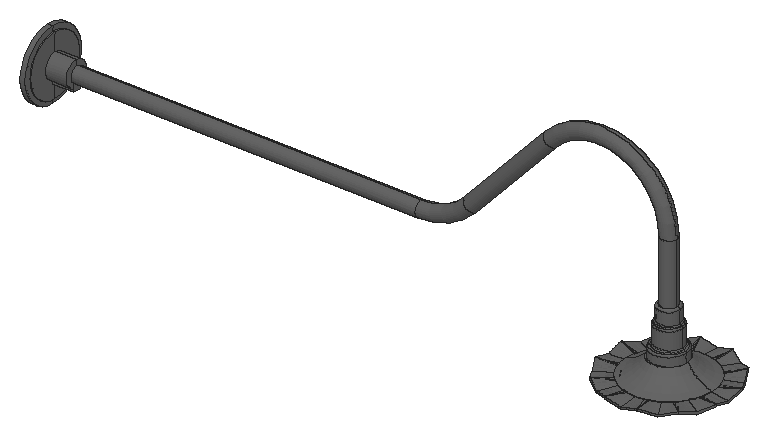
Revit family "Radial 8,12,16,18,20,24 LED", category Lighting Fixtures, Revit 2020
Family settings
  Round Connector Dimension = Use Diameter
  Part Type = Normal
  OmniClass Number = 23.80.70.00
  OmniClass Title = Lighting
  Work Plane-Based = No
  Always vertical = Yes
  Cut with Voids When Loaded = No
  Light Source = Yes
  Shared = No
  Room Calculation Point = No
Parameters (values of type "R908")
  b = 0' - 2"
  a = 0' - 8 1/2"
  Weight = "1.0 lbs"
  Wattage Comments = "10 W"
  Wattage = 8.41513 W
  Warranty = "5 year limited warranty"  # constant formula
  built-in parameter 1150110 = 1 (stored number, unit not read)
  Voltage = 277 V  # constant formula
  URL = "https://www.anplighting.com/assets/Uploads/product-attachments/specification-sheets/ANP-Specification-Sheet-RLM-LED-R908.pdf"
  built-in parameter 1114217 = 1 (stored number, unit not read)
  Tilt Angle = 90.00°
  built-in parameter 1150109 = 1 (stored number, unit not read)
  built-in parameter 1150134 = 12
  built-in parameter 1150113 = 1 (stored number, unit not read)
  R924 = no
  R920 = no
  R918 = no
  R916 = no
  R912 = no
  R908 = yes
  Photometric Web File = "R920-200GLCL-200INC-T15298.IES"
  Mounting Option [instance] = 4
  Power Factor = 1
  Post Mount [instance] = Mounting Option = 5  # no
  Placement X axis side [instance] = if(Post Mount, 2' 2 15/32", if(Cord or Stem Mount, 0' 0", if(E36 20 inch, 1' 8 1/4", if(E 6 26 inch, 2' 2", if(E7 41 inch, 3' 5 1/4", 0' 1")))))  # 3' - 5 1/4"
  Model = "R908"
  Manufacturer = "ANP Lighting"  # constant formula
  built-in parameter 1150105 = 193.56 (stored number, unit not read)
  Lumens = 1250 lm
  built-in parameter 1150115 = 1 (stored number, unit not read)
  Load Classification = Lighting
  Light Source Height [instance] = 0' - 0"
  built-in parameter 1150137 = (empty or 0)
  built-in parameter 1150139 = (empty or 0)
  Light Elevation _2 [instance] = if(Post Mount, 0' 0.66142", if(E7 41 inch, 0' 0.66142", if(E36 20 inch, 0' 1.65748", if(E 6 26 inch, 0' 1.53543", if(Cord or Stem Mount, (0' 4.3622" + Cord Length), 0' 0")))))  # 0' - 0.66142"
  Light Elevation _1 [instance] = if(Post Mount, 0' 0", if(E7 41 inch, 0' 0", if(E36 20 inch, 0' 1", if(E 6 26 inch, 0' 0.87402", if(Cord or Stem Mount, (0' 3.66142" + Cord Length), 0' 0")))))  # 0' - 0"
  Light Elevation [instance] = if(Post Mount, 14' 0.5315", if(E7 41 inch, 0' 0", 0' 0"))  # 0' - 0"
  Life = "L70 50,000 hours"  # constant formula
  built-in parameter 1150112 = 1 (stored number, unit not read)
  built-in parameter 1150114 = 1 (stored number, unit not read)
  Lamp = "LED"
  built-in parameter 1150132 = 2
  built-in parameter 1150102 = (empty or 0)
  built-in parameter 1150107 = 4000 (stored number, unit not read)
  built-in parameter 1150138 = (empty or 0)
  built-in parameter 1150106 = 1.9356 (stored number, unit not read)
  INSIDE BODY = Default
  Fixture Height = 0' - 4 1/2"
  Fixture Diameter = 0' - 8"
  Efficiency = "65-125 lumens per watt"  # constant formula
  built-in parameter 1150104 = 13.8 (stored number, unit not read)
  E7 41 inch [instance] = Mounting Option = 4  # yes
  E36 20 inch [instance] = Mounting Option = 3  # no
  E 6 26 inch [instance] = Mounting Option = 2  # no
  Dimming Lamp Color Temperature Shift = <None>
  Dimming = "1%"  # constant formula
  Description = "120-277 Voltage"  # constant formula
  Default Elevation = 0' - 0"
  Cord or Stem Mount [instance] = Mounting Option = 1  # no
  Cord Length option [instance] = 0
  Cord Length [instance] = if([2' Cord], 2' 0", if([4' Cord], 4' 0", if([8' Cord], 8' 0", if([10' Cord], 10' 0", if([6' Cord], 6' 0", 6' 0")))))  # 6' - 0"
  Construction Material = "Heavy Duty spun aluminum."  # constant formula
  Color Filter = 16777215
  Canopy Body = body
  CRI = ">90"  # constant formula
  Bulb = Glass
  Body Material = body
  Body Colour = "Spun aluminium"  # constant formula
  built-in parameter 1114218 = 1 (stored number, unit not read)
  built-in parameter 1150133 = 10 (stored number, unit not read)
  Apparent Load = 10 VA
  8' Cord [instance] = Cord Length option = 8  # no
  6' Cord [instance] = Cord Length option = 6  # no
  4' Cord [instance] = Cord Length option = 4  # no
  2' Cord [instance] = Cord Length option = 2  # no
  10' Cord [instance] = Cord Length option = 10  # no
Reference planes (in)
  plane 1 "Light Source Axis (F/B)": y = 0
  plane 2: z = 0
  plane 3 "Light Source Axis (L/R)": x = 0
  plane 4 "Light Source Elevation": z = 0
  plane 5: z = 0
  plane 6: x = 41.25
  plane 7 "Bulb Position": z = -0.66142
  plane 8 "Canopy Position": z = 0
  plane 9 "IES": z = -0.66142
  plane 10: z = 164.5315
  plane 11: z = -8.5
  plane 12: z = -6.5
  plane 13: z = -4.06887
Dimensions and locks (in)
  "Light Elevation": plane 5 to plane 2
  "Placement X axis side": plane 6 to plane 3 "Light Source Axis (L/R)"
  "Light Elevation _2": plane 5 to plane 7 "Bulb Position"
  "Light Elevation _1": plane 5 to plane 8 "Canopy Position"
  "Light Source Height": plane 7 "Bulb Position" to plane 9 "IES"
  plane 4 "Light Source Elevation" to plane 2 = 0' - 0"
  "a": plane 8 "Canopy Position" to plane 11
  "b": plane 12 to plane 11
  locked: plane 13 to plane 12 at 2.43113
  aligned and locked: level to plane 2
  aligned and locked: plane 1 "Light Source Axis (F/B)" to nested 5
  aligned and locked: nested 5 to plane 2
  aligned and locked: nested 1 to plane 3 "Light Source Axis (L/R)"
  aligned and locked: plane 3 "Light Source Axis (L/R)" to nested 2
  aligned and locked: plane 3 "Light Source Axis (L/R)" to nested 4
  aligned and locked: nested 3 to plane 5
  aligned and locked: plane 3 "Light Source Axis (L/R)" to nested 3
  aligned and locked: plane 3 "Light Source Axis (L/R)" to nested 5
  aligned and locked: plane 1 "Light Source Axis (F/B)" to nested 2
  aligned and locked: plane 1 "Light Source Axis (F/B)" to nested 1
  aligned and locked: plane 1 "Light Source Axis (F/B)" to nested 4
  aligned and locked: plane 1 "Light Source Axis (F/B)" to nested 3
  aligned and locked: plane 2 to nested 1
  aligned and locked: nested 2 to plane 2
  aligned and locked: nested 4 to plane 2
  aligned and locked: plane 6 to imposter light
  aligned and locked: imposter light to plane 12
  aligned and locked: nested 6 to plane 8 "Canopy Position"
  aligned and locked: nested 7 to plane 8 "Canopy Position"
  aligned and locked: nested 8 to plane 8 "Canopy Position"
  aligned and locked: nested 9 to plane 8 "Canopy Position"
  aligned and locked: nested 10 to plane 8 "Canopy Position"
  aligned and locked: nested 11 to plane 8 "Canopy Position"
  aligned and locked: plane 6 to nested 6
  aligned and locked: plane 6 to nested 7
  aligned and locked: plane 6 to nested 8
  aligned and locked: plane 6 to nested 9
  aligned and locked: plane 6 to nested 10
  aligned and locked: plane 6 to nested 11
Nested families (in)
  nested 1: "CORD OR STEM MOUNT" at (0, 0, -75.67), visible <- "Cord or Stem Mount", Cord or Stem Mount <- "Cord or Stem Mount", Body Material <- "Body Material", Light Elevation <- "Light Elevation", Cord Length <- "Cord Length", 10' Cord <- "10' Cord", 2' Cord <- "2' Cord", 4' Cord <- "4' Cord", 6' Cord <- "6' Cord", 8' Cord <- "8' Cord", type "CORD OR STEM MOUNT"
    with Light Elevation 0' - 0", Cord or Stem Mount no, Cord Length 6' - 0", Body Material body, 8' Cord no, 6' Cord no, 4' Cord no, 2' Cord no, 10' Cord no
  nested 2: "E6 26 INCH" at (41.25, 0, 0), visible <- "E 6 26 inch", Chain Length <- "Cord Length", E 6 26 inch <- "E 6 26 inch", Placement X axis side <- "Placement X axis side", Body Material <- "Body Material", Light Elevation <- "Light Elevation", type "E6 26 INCH"
    with Placement X axis side 3' - 5 1/4", Light Elevation 0' - 0", E 6 26 inch no, Chain Length 6' - 0", Body Material body
  nested 3: "E7 41 INCH" at (41.25, 0, 0), Chain Length <- "Cord Length", visible <- "E7 41 inch", E7 41 inch <- "E7 41 inch", Placement X axis side <- "Placement X axis side", Body Material <- "Body Material", Light Elevation <- "Light Elevation", type "E7 41 INCH"
    with Placement X axis side 3' - 5 1/4", Light Elevation 0' - 0", E7 41 inch yes, Chain Length 6' - 0", Body Material body
  nested 4: "E36 20 INCH" at (41.25, 0, 0), visible <- "E36 20 inch", E36 20 inch <- "E36 20 inch", Placement X axis side <- "Placement X axis side", Chain Length <- "Cord Length", Body Material <- "Body Material", Light Elevation <- "Light Elevation", type "E36 20 INCH"
    with Placement X axis side 3' - 5 1/4", Light Elevation 0' - 0", E36 20 inch no, Chain Length 6' - 0", Body Material body
  nested 5: "POST MOUNT" at (41.25, 0, 0), visible <- "Post Mount", Post Mount <- "Post Mount", Placement X axis side <- "Placement X axis side", Chain Length <- "Cord Length", Body Material <- "Body Material", Light Elevation <- "Light Elevation", type "POST MOUNT"
    with Post Mount no, Placement X axis side 3' - 5 1/4", Light Elevation 0' - 0", Chain Length 6' - 0", Body Material body
  nested 6: "R908_1" at (41.25, 0, 0), Body <- "Canopy Body", Light Elevation <- "Light Elevation", visible <- "R908", R908 <- "R908", type "R908_1"
    with R908 yes, Light Elevation 0' - 0", Body body
  nested 7: "R912_1" at (41.25, 0, 0), Body <- "Canopy Body", Light Elevation <- "Light Elevation", visible <- "R912", R912 <- "R912", type "R912_1"
    with R912 no, Light Elevation 0' - 0", Body body
  nested 8: "R916_1" at (41.25, 0, 0), Body <- "Canopy Body", Light Elevation <- "Light Elevation", visible <- "R916", R916 <- "R916", type "R916_1"
    with R916 no, Light Elevation 0' - 0", Body body
  nested 9: "R918_1" at (41.25, 0, 0), Body <- "Canopy Body", Light Elevation <- "Light Elevation", visible <- "R918", R918 <- "R918", type "R918_1"
    with R918 no, Light Elevation 0' - 0", Body body
  nested 10: "R920_1" at (41.25, 0, 0), Body <- "Canopy Body", Light Elevation <- "Light Elevation", visible <- "R920", R920 <- "R920", type "R920_1"
    with R920 no, Light Elevation 0' - 0", Body body
  nested 11: "R924_1" at (41.25, 0, 0), Body <- "Canopy Body", Light Elevation <- "Light Elevation", visible <- "R924", R924 <- "R924", type "R924_1"
    with R924 no, Light Elevation 0' - 0", Body body
Definition of nested family "E7 41 INCH"
  Parameters (values of type "E7 41 INCH")
    URL = ""
    Placement X axis side [instance] = 4' - 2"
    Model = ""
    Manufacturer = ""
    Light Elevation [instance] = 8' - 4"
    E7 41 inch [instance] = yes
    Default Elevation = 0' - 0"
    Chain Length [instance] = 0' - 0"
    Body Material [instance] = none
  Reference planes (in)
    plane 1 "Light Source Axis (F/B)": y = 0
    plane 2: z = 0
    plane 3 "Light Source Axis (L/R)": x = 0
    plane 4 "Light Source Elevation": z = 23.125
    plane 5: z = 100
    plane 6: x = -50
  Forms (in)
    Extrusion 1, void, not visible
      sketch origin (0, 0, 2.38154) x (1, 0, 0) y (0, 0, 1)
        loop
          circle (0, 4.59925) r 0.16583
      from 1.18594 to 1.75
    Extrusion 2, void, not visible
      sketch origin (0, 0, 2.38154) x (0.707107, -0.707107, 0) y (0, 0, 1)
        loop
          circle (0, 4.59925) r 0.16583
      from 1.18594 to 1.75
    Extrusion 3, void, not visible
      sketch origin (0, 0, 2.38154) x (0.707107, 0.707107, 0) y (0, 0, 1)
        loop
          circle (0, 4.59925) r 0.16583
      from 1.18594 to 1.75
    Extrusion 4, void, not visible
      sketch origin (0, 0, 2.38154) x (0, 1, 0) y (0, 0, 1)
        loop
          circle (0, 4.59925) r 0.16583
      from 1.18594 to 1.75
    Extrusion 5, void, not visible
      sketch origin (0, 0, 2.38154) x (-0.707107, 0.707107, 0) y (0, 0, 1)
        loop
          circle (0, 4.59925) r 0.16583
      from 1.18594 to 1.75
    Extrusion 6, void, not visible
      sketch origin (0, 0, 2.38154) x (-1, 0, 0) y (0, 0, 1)
        loop
          circle (0, 4.59925) r 0.20678
      from 1.18594 to 1.75
    Extrusion 7, void, not visible
      sketch origin (0, 0, 2.38154) x (-0.707107, -0.707107, 0) y (0, 0, 1)
        loop
          circle (0, 4.59925) r 0.16583
      from 1.18594 to 1.75
    Extrusion 8, void, not visible
      sketch origin (0, 0, 2.38154) x (0, -1, 0) y (0, 0, 1)
        loop
          circle (0, 4.59925) r 0.16583
      from 1.18594 to 1.75
    Revolve 9, solid, material <- "Body Material", visible <- "E7 41 inch"
      sketch origin (-41.25, 0, 168.39193) x (1, 0, 0) y (0, 0, 1)
        loop
          line (-8.75, -66.20443) -> (-8.75, -68.51693) -> (-6.87, -68.51693) -> (-6.87, -67.69272) -> (-8.2974, -67.69272) -> (-8.2974, -66.54122) -> (-8.41875, -66.54122) -> (-8.41875, -66.20443) -> (-8.75, -66.20443)
        axis (-8.75, -68.51693) -> (-6.87, -68.51693)
      angle from 0 to 360
    Extrusion 10, solid, material <- "Body Material", visible <- "E7 41 inch"
      sketch origin (-41.25, 0, 168.39193) x (0, -1, 0) y (0, 0, -1)
        loop
          line (0.25, 68.51693) -> (0.25, 69.51693) -> (-0.25, 69.51693) -> (-0.25, 68.51693) -> (0.25, 68.51693)
      from -8.2974 to -6.87
    Sweep 11, solid, material <- "Body Material", visible <- "E7 41 inch"
      path origin (-41.25, 0, 168.39193) x (1, 0, 0) y (0, 0, 1)
        loop
          line (-6.87, -68.51693) -> (16.04011, -68.51693)
          arc (16.04011, -68.51693) -> (17.864, -68.13651) -> (19.38375, -67.0587) r 4.5625
          line (19.38375, -67.0587) -> (24.70217, -61.33018)
          arc (24.70217, -61.33018) -> (29.64465, -60.20324) -> (32.5, -64.39193) r 4.5
          line (32.5, -64.39193) -> (32.5, -68.39193)
      profile origin (-36.66494, 0, 99.875) x (0, 0, 1) y (0, -1, 0)
        loop
          circle (0, 0) r 0.5
  Dimensions and locks (in)
    "Placement X axis side": plane 3 "Light Source Axis (L/R)" to plane 6
    "Light Elevation": plane 5 to plane 2
    locked: Revolve 9 sketch curve to Revolve 9 sketch curve at 0.33125
    locked: Revolve 9 sketch curve to Revolve 9 sketch curve at 0.4526
    locked: Revolve 9 sketch curve to Revolve 9 sketch curve at 1.88
    locked: Revolve 9 sketch curve to Revolve 9 sketch curve at 0.82421
    locked: Revolve 9 sketch curve to Revolve 9 sketch curve at 1.1515
    locked: Revolve 9 sketch curve to Revolve 9 sketch curve at 0.33679
    locked: plane 5 to Revolve 9 sketch curve at 0.125
    locked: Extrusion 10 sketch curve to Extrusion 10 sketch curve at 0.5
    locked: Extrusion 10 sketch curve to Extrusion 10 sketch curve at 1
    locked: plane 5 to Extrusion 10 sketch curve at 0.125
    locked: plane 5 to Sweep 11 sketch curve at 0.125
    locked: Sweep 11 sketch curve to Sweep 11 sketch curve at 39.37
    locked: Sweep 11 sketch curve to Sweep 11 sketch curve at 4
    locked: plane 6 to Extrusion 10 at 0.4526
    locked: Sweep 11 sketch curve to plane 6 at 1.88
    locked: Extrusion 10 to Extrusion 10 at 1.4274
    aligned and locked: plane 2 to level
    aligned and locked: Revolve 9 sketch curve to plane 6
  Automatic sketch dimensions
    Revolve 9 sketch curve to plane 5 = 0' - 0 1/8"
    plane 6 to Revolve 9 sketch curve = 0' - 0.62562"
    Revolve 9 sketch curve to Revolve 9 sketch curve = 0' - 0 1/2"
    plane 1 "Light Source Axis (F/B)" to Extrusion 10 sketch curve = 0' - 0 1/4"
    Sweep 11 sketch curve to plane 5 = 0' - 0"
    Sweep 11 sketch curve to Sweep 11 sketch curve = 0' - 4 1/2"
    Sweep 11 sketch curve to Sweep 11 sketch curve = 0' - 3.29783"
    plane 5 to Sweep 11 sketch curve = 0' - 1.33323"
    Sweep 11 sketch curve to Sweep 11 sketch curve = 0' - 5.31842"
    Sweep 11 sketch curve to Sweep 11 sketch curve = 0' - 3.34364"
    profile plane to Sweep 11 sketch curve = 0' - 0"
    Sweep 11 sketch curve to profile plane = 0' - 0"
    radius of Sweep 11 sketch curve = 0' - 0 1/2"
Definition of nested family "R908_1"
  Parameters (values of type "R908_1")
    R908 [instance] = yes
    Light Elevation [instance] = 1' - 0"
    Default Elevation = 0' - 0"
    Body [instance] = none
  Reference planes (in)
    plane 1 "Center (Front/Back)": y = 0
    plane 2: z = 0
    plane 3 "Center (Left/Right)": x = 0
    plane 4: z = 12
  Dimensions and locks (in)
    "Light Elevation": plane 4 to plane 2
    aligned and locked: plane 2 to level
    aligned and locked: plane 3 "Center (Left/Right)" to nested 1
    aligned and locked: plane 1 "Center (Front/Back)" to nested 1
    aligned and locked: plane 4 to nested 1
  Nested families (in)
    nested 1: "R908" at (0, 0, 7.5), BODY <- "Body", visible <- "R908", R908 <- "R908", type "R908"
      with R908 yes, BODY none
  Definition of nested family "R908"
    Parameters (values of type "R908")
      R908 [instance] = yes
      BODY [instance] = none
      Default Elevation = 0' - 0"
    Reference planes (in)
      plane 1 "Center (Front/Back)": y = 0
      plane 2: z = 0
      plane 3 "Center (Left/Right)": x = 0
      plane 4: z = 4.5
      plane 5: x = 4
      plane 6: y = 4
      plane 7: y = -4
      plane 8: x = -4
    Forms (in)
      Revolve 1, solid, material <- "BODY", visible <- "R908"
        sketch origin (0, 0, -13.05469) x (1, 0, 0) y (0, 0, 1)
          loop
            line (-0.71875, 17.42969) -> (-0.71875, 16.63529)
            arc (-0.71875, 16.63529) -> (-0.73354, 16.5763) -> (-0.77441, 16.53128) r 0.125
            line (-0.77441, 16.53128) -> (-0.85059, 16.4805)
            arc (-0.85059, 16.4805) -> (-0.89146, 16.43547) -> (-0.90625, 16.37649) r 0.125
            line (-0.90625, 16.37649) -> (-0.90625, 15.27064)
            arc (-0.90625, 15.27064) -> (-0.92492, 15.20493) -> (-0.97535, 15.15884) r 0.125
            line (-0.97535, 15.15884) -> (-1.08782, 15.1026)
            arc (-1.08782, 15.1026) -> (-1.13797, 15.05698) -> (-1.15692, 14.99189) r 0.125
            line (-1.15692, 14.99189) -> (-1.1617, 14.44339) -> (-1.24077, 14.44339)
            arc (-1.24077, 14.44339) -> (-1.94948, 13.74015) -> (-2.8599, 13.33035) r 2.79935
            line (-2.8599, 13.33035) -> (-2.79443, 13.26487)
            arc (-2.79443, 13.26487) -> (-1.88953, 13.68054) -> (-1.18161, 14.38089) r 2.8645
            line (-1.18161, 14.38089) -> (-1.09975, 14.38089) -> (-1.09442, 14.99134)
            arc (-1.09442, 14.99134) -> (-1.08494, 15.02389) -> (-1.05987, 15.0467) r 0.0625
            line (-1.05987, 15.0467) -> (-0.9474, 15.10294)
            arc (-0.9474, 15.10294) -> (-0.87175, 15.17207) -> (-0.84375, 15.27064) r 0.1875
            line (-0.84375, 15.27064) -> (-0.84375, 16.37649)
            arc (-0.84375, 16.37649) -> (-0.83635, 16.40598) -> (-0.81592, 16.42849) r 0.0625
            line (-0.81592, 16.42849) -> (-0.73974, 16.47928)
            arc (-0.73974, 16.47928) -> (-0.67844, 16.54681) -> (-0.65625, 16.63529) r 0.1875
            line (-0.65625, 16.63529) -> (-0.65625, 17.44339)
            arc (-0.65625, 17.44339) -> (-0.63794, 17.48758) -> (-0.59375, 17.50589) r 0.0625
            line (-0.59375, 17.50589) -> (-0.1875, 17.50589) -> (-0.1875, 17.55469) -> (-0.59375, 17.55469)
            arc (-0.59375, 17.55469) -> (-0.68214, 17.51808) -> (-0.71875, 17.42969) r 0.125
          axis (0, 17.55469) -> (0, 13.26487)
        angle from 0 to 360
      SweptBlend 2, solid, material <- "BODY", visible <- "R908"
        path in 3D
          loop
            line (-0.00163, -2.50177, 0.20086) -> (0.016, -3.99996, 0.12929)
        profile origin (-0.00163, -2.50177, 0.20086) x (0, 0.047713, -0.998861) y (0.999931, 0.01174, 0.000561)
          loop
            line (-0.03079, 0.81252) -> (-0.03125, 0.00002) -> (-0.03171, -0.81248) -> (0.03079, -0.81252) -> (0.03125, -0.00002) -> (0.03171, 0.81248) -> (-0.03079, 0.81252)
        end profile origin (0.016, -3.99996, 0.12929) x (0, 0.047713, -0.998861) y (0.999931, 0.01174, 0.000561)
          loop
            line (-0.25807, -1.04381) -> (-0.12933, -1.04388) -> (0.12875, -0.00007) -> (-0.12816, 1.04403) -> (-0.2569, 1.0441) -> (0, 0) -> (-0.25807, -1.04381)
      SweptBlend 3, solid, material <- "BODY", visible <- "R908"
        path in 3D
          loop
            line (-1.2523, -2.16578, 0.20086) -> (-1.98612, -3.47207, 0.12929)
        profile origin (-1.2523, -2.16578, 0.20086) x (-0.705849, 0.363204, 0.608162) y (-0.512293, 0.331199, -0.792378)
          loop
            line (-0.62551, -0.51948) -> (0.01903, -0.02479) -> (0.66357, 0.4699) -> (0.62551, 0.51948) -> (-0.01903, 0.02479) -> (-0.66357, -0.4699) -> (-0.62551, -0.51948)
        end profile origin (-1.98612, -3.47207, 0.12929) x (-0.705849, 0.363204, 0.608162) y (-0.512293, 0.331199, -0.792378)
          loop
            line (0.98492, 0.43136) -> (0.90654, 0.53349) -> (-0.07839, 0.10213) -> (-0.74977, -0.73775) -> (-0.67138, -0.83988) -> (0, 0) -> (0.98492, 0.43136)
      SweptBlend 4, solid, material <- "BODY", visible <- "R908"
        path in 3D
          loop
            line (1.24947, -2.16741, 0.20086) -> (2.01384, -3.45607, 0.12929)
        profile origin (1.24947, -2.16741, 0.20086) x (0.70151, 0.382713, 0.601177) y (-0.498214, -0.339813, 0.79769)
          loop
            line (0.66767, -0.46406) -> (0.01881, 0.02496) -> (-0.63005, 0.51397) -> (-0.66767, 0.46406) -> (-0.01881, -0.02496) -> (0.63005, -0.51397) -> (0.66767, -0.46406)
        end profile origin (2.01384, -3.45607, 0.12929) x (0.70151, 0.382713, 0.601177) y (-0.498214, -0.339813, 0.79769)
          loop
            line (-0.67873, 0.83395) -> (-0.75622, 0.73113) -> (-0.07749, -0.10282) -> (0.91119, -0.5255) -> (0.98868, -0.42269) -> (0, 0) -> (-0.67873, 0.83395)
      SweptBlend 5, solid, material <- "BODY", visible <- "R908"
        path in 3D
          loop
            line (2.16578, -1.2523, 0.20086) -> (3.47207, -1.98612, 0.12929)
        profile origin (2.16578, -1.2523, 0.20086) x (0.028122, 0.146491, -0.988812) y (0.490733, 0.859771, 0.14133)
          loop
            line (0.08403, 0.80875) -> (-0.03094, 0.00442) -> (-0.1459, -0.7999) -> (-0.08403, -0.80875) -> (0.03094, -0.00442) -> (0.1459, 0.7999) -> (0.08403, 0.80875)
        end profile origin (3.47207, -1.98612, 0.12929) x (0.028122, 0.146491, -0.988812) y (0.490733, 0.859771, 0.14133)
          loop
            line (-0.40261, -0.99702) -> (-0.27516, -1.01524) -> (0.12745, -0.01822) -> (0.02026, 1.05167) -> (-0.10719, 1.06989) -> (0, 0) -> (-0.40261, -0.99702)
      SweptBlend 6, solid, material <- "BODY", visible <- "R908"
        path in 3D
          loop
            line (2.50177, -0.00163, 0.20086) -> (3.99996, 0.016, 0.12929)
        profile origin (2.50177, -0.00163, 0.20086) x (0.044951, 0.17354, 0.9838) y (0.019842, -0.984757, 0.172802)
          loop
            line (0.17134, -0.79484) -> (0.03078, 0.00541) -> (-0.10978, 0.80566) -> (-0.17134, 0.79484) -> (-0.03078, -0.00541) -> (0.10978, -0.80566) -> (0.17134, -0.79484)
        end profile origin (3.99996, 0.016, 0.12929) x (0.044951, 0.17354, 0.9838) y (0.019842, -0.984757, 0.172802)
          loop
            line (0.073, 1.07276) -> (-0.0538, 1.05049) -> (-0.1268, -0.02227) -> (0.3074, -1.00594) -> (0.43421, -0.98367) -> (0, 0) -> (0.073, 1.07276)
      SweptBlend 7, solid, material <- "BODY", visible <- "R908"
        path in 3D
          loop
            line (2.16741, 1.24947, 0.20086) -> (3.45607, 2.01384, 0.12929)
        profile origin (2.16741, 1.24947, 0.20086) x (0.00937, 0.077544, 0.996945) y (0.511717, -0.856925, 0.061843)
          loop
            line (0.0815, -0.80901) -> (0.03119, 0.00193) -> (-0.01911, 0.81288) -> (-0.0815, 0.80901) -> (-0.03119, -0.00193) -> (0.01911, -0.81288) -> (0.0815, -0.80901)
        end profile origin (3.45607, 2.01384, 0.12929) x (0.00937, 0.077544, 0.996945) y (0.511717, -0.856925, 0.061843)
          loop
            line (0.19236, 1.05789) -> (0.06386, 1.04992) -> (-0.1285, -0.00797) -> (0.19313, -1.03398) -> (0.32163, -1.02601) -> (0, 0) -> (0.19236, 1.05789)
      SweptBlend 8, solid, material <- "BODY", visible <- "R908"
        path in 3D
          loop
            line (1.2523, 2.16578, 0.20086) -> (1.98612, 3.47207, 0.12929)
        profile origin (1.2523, 2.16578, 0.20086) x (-0.002361, 0.056025, 0.998427) y (0.872159, -0.488335, 0.029465)
          loop
            line (0.0552, -0.81122) -> (0.03124, 0.00092) -> (0.00727, 0.81307) -> (-0.0552, 0.81122) -> (-0.03124, -0.00092) -> (-0.00727, -0.81307) -> (0.0552, -0.81122)
        end profile origin (1.98612, 3.47207, 0.12929) x (-0.002361, 0.056025, 0.998427) y (0.872159, -0.488335, 0.029465)
          loop
            line (0.22658, 1.0511) -> (0.09789, 1.0473) -> (-0.12869, -0.0038) -> (0.15948, -1.0397) -> (0.28817, -1.03591) -> (0, 0) -> (0.22658, 1.0511)
      SweptBlend 9, solid, material <- "BODY", visible <- "R908"
        path in 3D
          loop
            line (0.00163, 2.50177, 0.20086) -> (-0.016, 3.99996, 0.12929)
        profile origin (0.00163, 2.50177, 0.20086) x (0.007958, 0.047805, 0.998825) y (0.999899, 0.01136, -0.00851)
          loop
            line (0.02433, -0.81274) -> (0.03125, -0.00027) -> (0.03817, 0.8122) -> (-0.02433, 0.81274) -> (-0.03125, 0.00027) -> (-0.03817, -0.8122) -> (0.02433, -0.81274)
        end profile origin (-0.016, 3.99996, 0.12929) x (0.007958, 0.047805, 0.998825) y (0.999899, 0.01136, -0.00851)
          loop
            line (0.26637, 1.04172) -> (0.13763, 1.04282) -> (-0.12874, 0.0011) -> (0.11984, -1.04501) -> (0.24858, -1.04611) -> (0, 0) -> (0.26637, 1.04172)
      SweptBlend 10, solid, material <- "BODY", visible <- "R908"
        path in 3D
          loop
            line (-1.24947, 2.16741, 0.20086) -> (-2.01384, 3.45607, 0.12929)
        profile origin (-1.24947, 2.16741, 0.20086) x (0.12027, 0.126023, 0.98471) y (0.851979, 0.496045, -0.167542)
          loop
            line (-0.10548, -0.80623) -> (0.03081, -0.00524) -> (0.16709, 0.79575) -> (0.10548, 0.80623) -> (-0.03081, 0.00524) -> (-0.16709, -0.79575) -> (-0.10548, -0.80623)
        end profile origin (-2.01384, 3.45607, 0.12929) x (0.12027, 0.126023, 0.98471) y (0.851979, 0.496045, -0.167542)
          loop
            line (0.42895, 0.98598) -> (0.30202, 1.00757) -> (-0.12692, 0.02159) -> (-0.04819, -1.05076) -> (0.07873, -1.07235) -> (0, 0) -> (0.42895, 0.98598)
      SweptBlend 11, solid, material <- "BODY", visible <- "R908"
        path in 3D
          loop
            line (-2.16578, 1.2523, 0.20086) -> (-3.47207, 1.98612, 0.12929)
        profile origin (-2.16578, 1.2523, 0.20086) x (0.186285, 0.23866, -0.953068) y (-0.454871, -0.838873, -0.298972)
          loop
            line (-0.27301, 0.7659) -> (-0.02982, -0.00935) -> (0.21337, -0.7846) -> (0.27301, -0.7659) -> (0.02982, 0.00935) -> (-0.21337, 0.7846) -> (-0.27301, 0.7659)
        end profile origin (-3.47207, 1.98612, 0.12929) x (0.186285, 0.23866, -0.953068) y (-0.454871, -0.838873, -0.298972)
          loop
            line (0.06679, -1.07317) -> (0.18963, -1.03463) -> (0.12284, 0.03854) -> (-0.43531, 0.95756) -> (-0.55815, 0.91903) -> (0, 0) -> (0.06679, -1.07317)
      SweptBlend 12, solid, material <- "BODY", visible <- "R908"
        path in 3D
          loop
            line (-2.50177, 0.00163, 0.20086) -> (-3.99996, -0.016, 0.12929)
        profile origin (-2.50177, 0.00163, 0.20086) x (-0.011829, 0.999929, 0.001315) y (0.047691, 0.001878, -0.99886)
          loop
            line (-0.81246, -0.03232) -> (0.00004, -0.03125) -> (0.81254, -0.03018) -> (0.81246, 0.03232) -> (-0.00004, 0.03125) -> (-0.81254, 0.03018) -> (-0.81246, -0.03232)
        end profile origin (-3.99996, -0.016, 0.12929) x (-0.011829, 0.999929, 0.001315) y (0.047691, 0.001878, -0.99886)
          loop
            line (1.04429, -0.25611) -> (1.04412, -0.12737) -> (-0.00017, 0.12875) -> (-1.04379, -0.13012) -> (-1.04362, -0.25886) -> (0, 0) -> (1.04429, -0.25611)
      SweptBlend 13, solid, material <- "BODY", visible <- "R908"
        path in 3D
          loop
            line (-2.16741, -1.24947, 0.20086) -> (-3.45607, -2.01384, 0.12929)
        profile origin (-2.16741, -1.24947, 0.20086) x (-0.000547, 0.094133, -0.99556) y (0.511803, -0.855262, -0.081148)
          loop
            line (-0.09715, 0.80728) -> (-0.03115, -0.00254) -> (0.03486, -0.81235) -> (0.09715, -0.80728) -> (0.03115, 0.00254) -> (-0.03486, 0.81235) -> (-0.09715, 0.80728)
        end profile origin (-3.45607, -2.01384, 0.12929) x (-0.000547, 0.094133, -0.99556) y (0.511803, -0.855262, -0.081148)
          loop
            line (-0.17183, -1.06142) -> (-0.0435, -1.05096) -> (0.12832, 0.01046) -> (-0.21313, 1.03005) -> (-0.34145, 1.01959) -> (0, 0) -> (-0.17183, -1.06142)
    Lines and regions (in)
      sketch lines
        curve 1: line (-0.00163, -2.50177, 0.20086) -> (0.016, -3.99996, 0.12929)
        curve 2: line (-1.2523, -2.16578, 0.20086) -> (-1.98612, -3.47207, 0.12929)
        curve 3: line (1.24947, -2.16741, 0.20086) -> (2.01384, -3.45607, 0.12929)
        curve 4: line (2.16578, -1.2523, 0.20086) -> (3.47207, -1.98612, 0.12929)
        curve 5: line (2.50177, -0.00163, 0.20086) -> (3.99996, 0.016, 0.12929)
        curve 6: line (2.16741, 1.24947, 0.20086) -> (3.45607, 2.01384, 0.12929)
        curve 7: line (1.2523, 2.16578, 0.20086) -> (1.98612, 3.47207, 0.12929)
        curve 8: line (0.00163, 2.50177, 0.20086) -> (-0.016, 3.99996, 0.12929)
        curve 9: line (-1.24947, 2.16741, 0.20086) -> (-2.01384, 3.45607, 0.12929)
        curve 10: line (-2.16578, 1.2523, 0.20086) -> (-3.47207, 1.98612, 0.12929)
        curve 11: line (-2.50177, 0.00163, 0.20086) -> (-3.99996, -0.016, 0.12929)
        curve 12: line (-2.16741, -1.24947, 0.20086) -> (-3.45607, -2.01384, 0.12929)
    Dimensions and locks (in)
      plane 5 to plane 3 "Center (Left/Right)" = 0' - 4"
      plane 4 to plane 2 = 0' - 4 1/2"
      plane 6 to plane 1 "Center (Front/Back)" = 0' - 4"
      aligned and locked: plane 2 to level
Definition of nested family "CORD OR STEM MOUNT"
  Parameters (values of type "CORD OR STEM MOUNT")
    URL = ""
    Model = ""
    Manufacturer = ""
    Light Elevation [instance] = 1' - 7.69"
    Default Elevation = 0' - 0"
    Cord or Stem Mount [instance] = yes
    Cord Length [instance] = 6' - 0"
    Body Material [instance] = none
    8' Cord [instance] = no
    6' Cord [instance] = no
    4' Cord [instance] = no
    2' Cord [instance] = no
    10' Cord [instance] = no
  Reference planes (in)
    plane 1 "Light Source Axis (F/B)": y = 0
    plane 2: z = 0
    plane 3 "Light Source Axis (L/R)": x = 0
    plane 4 "Light Source Elevation": z = 23.125
    plane 5: z = 91.69
    plane 6: z = 19.69
  Forms (in)
    Extrusion 1, void, not visible
      sketch origin (0, 0, 2.38154) x (1, 0, 0) y (0, 0, 1)
        loop
          circle (0, 4.59925) r 0.16583
      from 1.18594 to 1.75
    Extrusion 2, void, not visible
      sketch origin (0, 0, 2.38154) x (0.707107, -0.707107, 0) y (0, 0, 1)
        loop
          circle (0, 4.59925) r 0.16583
      from 1.18594 to 1.75
    Extrusion 3, void, not visible
      sketch origin (0, 0, 2.38154) x (0.707107, 0.707107, 0) y (0, 0, 1)
        loop
          circle (0, 4.59925) r 0.16583
      from 1.18594 to 1.75
    Extrusion 4, void, not visible
      sketch origin (0, 0, 2.38154) x (0, 1, 0) y (0, 0, 1)
        loop
          circle (0, 4.59925) r 0.16583
      from 1.18594 to 1.75
    Extrusion 5, void, not visible
      sketch origin (0, 0, 2.38154) x (-0.707107, 0.707107, 0) y (0, 0, 1)
        loop
          circle (0, 4.59925) r 0.16583
      from 1.18594 to 1.75
    Extrusion 6, void, not visible
      sketch origin (0, 0, 2.38154) x (-1, 0, 0) y (0, 0, 1)
        loop
          circle (0, 4.59925) r 0.20678
      from 1.18594 to 1.75
    Extrusion 7, void, not visible
      sketch origin (0, 0, 2.38154) x (-0.707107, -0.707107, 0) y (0, 0, 1)
        loop
          circle (0, 4.59925) r 0.16583
      from 1.18594 to 1.75
    Extrusion 8, void, not visible
      sketch origin (0, 0, 2.38154) x (0, -1, 0) y (0, 0, 1)
        loop
          circle (0, 4.59925) r 0.16583
      from 1.18594 to 1.75
    Revolve 9, solid, material <- "Body Material", visible <- "Cord or Stem Mount"
      sketch origin (0, 0, 174.56698) x (1, 0, 0) y (0, 0, 1)
        loop
          line (2.6875, -79.20698) -> (0, -79.20698) -> (0, -82.87698) -> (0.125, -82.87698) -> (0.125, -82.83698) -> (0.75, -82.83698)
          arc (0.75, -82.83698) -> (0.81694, -82.77004) -> (0.75, -82.7031) r 0.06694
          line (0.75, -82.7031) -> (0.89763, -82.7031) -> (1.00223, -82.5985) -> (1.06587, -82.5985)
          arc (1.06587, -82.5985) -> (1.80099, -82.29401) -> (2.10549, -81.55888) r 1.03962
          line (2.10549, -81.55888) -> (2.10549, -81.03899)
          arc (2.10549, -81.03899) -> (2.12951, -80.981) -> (2.1875, -80.95698) r 0.08201
          line (2.1875, -80.95698) -> (2.1875, -80.70698) -> (2.6875, -80.70698) -> (2.6875, -79.20698)
        axis (0, -79.20698) -> (0, -82.87698)
      angle from 0 to 360
    Revolve 10, solid, material <- "Body Material", visible <- "Cord or Stem Mount"
      sketch origin (0, 0, 0) x (1, 0, 0) y (0, 0, 1)
        loop
          line (0, 91.69) -> (-0.125, 91.69) -> (-0.125, 19.69) -> (0, 19.69) -> (0, 91.69)
        axis (0, 19.69) -> (0, 91.69)
      angle from 0 to 360
  Dimensions and locks (in)
    "Light Elevation": plane 6 to plane 2
    "Cord Length": plane 5 to plane 6
    locked: Revolve 10 sketch curve to Revolve 10 sketch curve at 0.125
    aligned and locked: level to plane 2
    aligned and locked: Revolve 10 sketch curve to plane 3 "Light Source Axis (L/R)"
    aligned and locked: Revolve 10 sketch curve to plane 6
    aligned and locked: Revolve 10 sketch curve to plane 5
    aligned and locked: plane 3 "Light Source Axis (L/R)" to Revolve 10 sketch curve
  Automatic sketch dimensions
    Revolve 9 sketch curve to plane 3 "Light Source Axis (L/R)" = 0' - 0"  (x2)
    Revolve 9 sketch curve to plane 5 = 0' - 0"
    plane 3 "Light Source Axis (L/R)" to Revolve 9 sketch curve = 0' - 0 1/8"
    Revolve 9 sketch curve to plane 5 = 0' - 0.17388"
    Revolve 9 sketch curve to Revolve 9 sketch curve = 0' - 0 5/8"
    Revolve 9 sketch curve to Revolve 9 sketch curve = 0' - 0.14763"
    Revolve 9 sketch curve to plane 5 = 0' - 0.27847"
    Revolve 9 sketch curve to Revolve 9 sketch curve = 0' - 0.1046"
    Revolve 9 sketch curve to Revolve 9 sketch curve = 0' - 0.06364"
    Revolve 9 sketch curve to Revolve 9 sketch curve = 0' - 1.03962"
    Revolve 9 sketch curve to Revolve 9 sketch curve = 0' - 0 21/256"
    Revolve 9 sketch curve to Revolve 9 sketch curve = 0' - 0 1/2"  (x2)
    Revolve 9 sketch curve to Revolve 9 sketch curve = 0' - 0.51989"
    Revolve 9 sketch curve to Revolve 9 sketch curve = 0' - 0 1/4"
    Revolve 9 sketch curve to Revolve 9 sketch curve = 0' - 2.3519"
    Revolve 9 sketch curve to Revolve 9 sketch curve = 0' - 1 1/4"
    Revolve 9 sketch curve to Revolve 9 sketch curve = 0' - 0.04"
    Revolve 10 sketch curve to Revolve 10 sketch curve = 0' - 0 1/2"
    Revolve 10 sketch curve to Revolve 10 sketch curve = 0' - 0.42345"
Definition of nested family "E6 26 INCH"
  Parameters (values of type "E6 26 INCH")
    URL = ""
    Placement X axis side [instance] = 2' - 2"
    Model = ""
    Manufacturer = ""
    Light Elevation [instance] = 8' - 4"
    E 6 26 inch [instance] = yes
    Default Elevation = 0' - 0"
    Chain Length [instance] = 0' - 0"
    Body Material [instance] = none
  Reference planes (in)
    plane 1 "Light Source Axis (F/B)": y = 0
    plane 2: z = 0
    plane 3 "Light Source Axis (L/R)": x = 0
    plane 4 "Light Source Elevation": z = 23.125
    plane 5: z = 100
    plane 6: x = -26
    plane 7: z = 99.125
    plane 8: x = -24.12
    plane 9: x = -25.5474
  Forms (in)
    Extrusion 1, void, not visible
      sketch origin (0, 0, 2.38154) x (1, 0, 0) y (0, 0, 1)
        loop
          circle (0, 4.59925) r 0.16583
      from 1.18594 to 1.75
    Extrusion 2, void, not visible
      sketch origin (0, 0, 2.38154) x (0.707107, -0.707107, 0) y (0, 0, 1)
        loop
          circle (0, 4.59925) r 0.16583
      from 1.18594 to 1.75
    Extrusion 3, void, not visible
      sketch origin (0, 0, 2.38154) x (0.707107, 0.707107, 0) y (0, 0, 1)
        loop
          circle (0, 4.59925) r 0.16583
      from 1.18594 to 1.75
    Extrusion 4, void, not visible
      sketch origin (0, 0, 2.38154) x (0, 1, 0) y (0, 0, 1)
        loop
          circle (0, 4.59925) r 0.16583
      from 1.18594 to 1.75
    Extrusion 5, void, not visible
      sketch origin (0, 0, 2.38154) x (-0.707107, 0.707107, 0) y (0, 0, 1)
        loop
          circle (0, 4.59925) r 0.16583
      from 1.18594 to 1.75
    Extrusion 6, void, not visible
      sketch origin (0, 0, 2.38154) x (-1, 0, 0) y (0, 0, 1)
        loop
          circle (0, 4.59925) r 0.20678
      from 1.18594 to 1.75
    Extrusion 7, void, not visible
      sketch origin (0, 0, 2.38154) x (-0.707107, -0.707107, 0) y (0, 0, 1)
        loop
          circle (0, 4.59925) r 0.16583
      from 1.18594 to 1.75
    Extrusion 8, void, not visible
      sketch origin (0, 0, 2.38154) x (0, -1, 0) y (0, 0, 1)
        loop
          circle (0, 4.59925) r 0.16583
      from 1.18594 to 1.75
    Sweep 9, solid, material <- "Body Material", visible <- "E 6 26 inch"
      path origin (-41.25, 0, 168.51693) x (1, 0, 0) y (0, 0, 1)
        loop
          line (17.13, -68.51693) -> (27.68551, -68.51693)
          arc (27.68551, -68.51693) -> (28.47996, -68.34486) -> (29.13202, -67.8595) r 1.92004
          line (29.13202, -67.8595) -> (34.23651, -62.01155)
          arc (34.23651, -62.01155) -> (38.65464, -60.89667) -> (41.25, -64.64193) r 4
          line (41.25, -64.64193) -> (41.25, -69.39193)
      profile origin (-18.84224, 0, 100) x (0, 0, 1) y (0, -1, 0)
        loop
          circle (0, 0) r 0.5
    Revolve 10, solid, material <- "Body Material", visible <- "E 6 26 inch"
      sketch origin (-26, 0, 168.51693) x (1, 0, 0) y (0, 0, 1)
        loop
          line (0, -66.07943) -> (0, -68.51693) -> (1.88, -68.51693) -> (1.88, -67.69272) -> (0.4526, -67.69272) -> (0.4526, -66.54122) -> (0.33125, -66.54122) -> (0.33125, -66.07943) -> (0, -66.07943)
        axis (0, -68.51693) -> (1.88, -68.51693)
      angle from 0 to 360
    Extrusion 11, solid, material <- "Body Material", visible <- "E 6 26 inch"
      sketch origin (-26, 0, 168.51693) x (0, -1, 0) y (0, 0, -1)
        loop
          line (0.25, 68.51693) -> (0.25, 69.51693) -> (-0.25, 69.51693) -> (-0.25, 68.51693) -> (0.25, 68.51693)
      from 0.4526 to 1.88
  Cuts and joins
    joined: Revolve 10, Extrusion 11
  Dimensions and locks (in)
    "Light Elevation": plane 5 to plane 2
    "Placement X axis side": plane 3 "Light Source Axis (L/R)" to plane 6
    locked: plane 5 to plane 7 at 0.875
    Revolve 10 sketch curve to Revolve 10 sketch curve to Revolve 10 sketch curve to plane 6 = 0' - 1.4274" locked, 0' - 0.12135" locked, 0' - 0.33125" locked
    Revolve 10 sketch curve to Revolve 10 sketch curve to Revolve 10 sketch curve to plane 5 = 0' - 0.46179" locked, 0' - 1.1515" locked, 0' - 0 211/256" locked
    locked: Sweep 9 sketch curve to plane 6 at 1.88
    locked: Sweep 9 sketch curve to Sweep 9 sketch curve at 10.55551
    locked: Sweep 9 sketch curve to Sweep 9 sketch curve at 13.56449
    locked: Sweep 9 sketch curve to Sweep 9 sketch curve at 4.75
    locked: plane 9 to plane 6 at 0.4526
    locked: plane 8 to plane 9 at 1.4274
    aligned and locked: level to plane 2
    aligned and locked: Revolve 10 sketch curve to plane 6
    aligned and locked: plane 5 to Revolve 10 sketch curve
    aligned and locked: Revolve 10 sketch curve to plane 5
    aligned and locked: cut or joined group of Revolve 10, Extrusion 11 to plane 9
    aligned and locked: plane 8 to cut or joined group of Revolve 10, Extrusion 11
  Automatic sketch dimensions
    Sweep 9 sketch curve to plane 5 = 0' - 0"
    Sweep 9 sketch curve to Sweep 9 sketch curve = 0' - 4"
    Sweep 9 sketch curve to Sweep 9 sketch curve = 0' - 3.01349"
    plane 5 to Sweep 9 sketch curve = 0' - 0.65743"
    Sweep 9 sketch curve to Sweep 9 sketch curve = 0' - 1.4465"
    Sweep 9 sketch curve to plane 5 = 0' - 0 7/8"
    profile plane to Sweep 9 sketch curve = 0' - 0"
    Sweep 9 sketch curve to profile plane = 0' - 0"
    plane 6 to Revolve 10 sketch curve = 0' - 0.62562"
    Revolve 10 sketch curve to Revolve 10 sketch curve = 0' - 0 1/2"
    Extrusion 11 sketch curve to plane 5 = 0' - 0"
    plane 1 "Light Source Axis (F/B)" to Extrusion 11 sketch curve = 0' - 0 1/4"
    Extrusion 11 sketch curve to plane 1 "Light Source Axis (F/B)" = 0' - 0 1/4"
    plane 5 to Extrusion 11 sketch curve = 0' - 1"
    radius of Sweep 9 sketch curve = 0' - 0 1/2"
Definition of nested family "E36 20 INCH"
  Parameters (values of type "E36 20 INCH")
    URL = ""
    Placement X axis side [instance] = 1' - 8 1/4"
    Model = ""
    Manufacturer = ""
    Light Elevation [instance] = 8' - 4"
    E36 20 inch [instance] = yes
    Default Elevation = 0' - 0"
    Chain Length [instance] = 0' - 0"
    Body Material [instance] = none
  Reference planes (in)
    plane 1 "Light Source Axis (F/B)": y = 0
    plane 2: z = 0
    plane 3 "Light Source Axis (L/R)": x = 0
    plane 4 "Light Source Elevation": z = 23.125
    plane 5: z = 99
    plane 6: x = -20.25
    plane 7: z = 100
    plane 8: x = -18.37008
    plane 9: x = -19.79724
  Forms (in)
    Extrusion 1, void, not visible
      sketch origin (0, 0, 2.38154) x (1, 0, 0) y (0, 0, 1)
        loop
          circle (0, 4.59925) r 0.16583
      from 1.18594 to 1.75
    Extrusion 2, void, not visible
      sketch origin (0, 0, 2.38154) x (0.707107, -0.707107, 0) y (0, 0, 1)
        loop
          circle (0, 4.59925) r 0.16583
      from 1.18594 to 1.75
    Extrusion 3, void, not visible
      sketch origin (0, 0, 2.38154) x (0.707107, 0.707107, 0) y (0, 0, 1)
        loop
          circle (0, 4.59925) r 0.16583
      from 1.18594 to 1.75
    Extrusion 4, void, not visible
      sketch origin (0, 0, 2.38154) x (0, 1, 0) y (0, 0, 1)
        loop
          circle (0, 4.59925) r 0.16583
      from 1.18594 to 1.75
    Extrusion 5, void, not visible
      sketch origin (0, 0, 2.38154) x (-0.707107, 0.707107, 0) y (0, 0, 1)
        loop
          circle (0, 4.59925) r 0.16583
      from 1.18594 to 1.75
    Extrusion 6, void, not visible
      sketch origin (0, 0, 2.38154) x (-1, 0, 0) y (0, 0, 1)
        loop
          circle (0, 4.59925) r 0.20678
      from 1.18594 to 1.75
    Extrusion 7, void, not visible
      sketch origin (0, 0, 2.38154) x (-0.707107, -0.707107, 0) y (0, 0, 1)
        loop
          circle (0, 4.59925) r 0.16583
      from 1.18594 to 1.75
    Extrusion 8, void, not visible
      sketch origin (0, 0, 2.38154) x (0, -1, 0) y (0, 0, 1)
        loop
          circle (0, 4.59925) r 0.16583
      from 1.18594 to 1.75
    Sweep 9, solid, material <- "Body Material", visible <- "E36 20 inch"
      path origin (-41.25, 0, 169.51693) x (1, 0, 0) y (0, 0, 1)
        loop
          line (22.88, -69.51693) -> (28.93827, -69.51693)
          arc (28.93827, -69.51693) -> (29.97705, -69.28152) -> (30.81284, -68.62128) r 2.40953
          line (30.81284, -68.62128) -> (34.13807, -64.50378)
          arc (34.13807, -64.50378) -> (38.58272, -63.24548) -> (41.25, -67.01693) r 4
          line (41.25, -67.01693) -> (41.25, -70.51693)
      profile origin (-15.34086, 0, 100) x (0, 0, 1) y (0, -1, 0)
        loop
          circle (0, 0) r 0.5
    Revolve 10, solid, material <- "Body Material", visible <- "E36 20 inch"
      sketch origin (-20.25, 0, 169.51693) x (1, 0, 0) y (0, 0, 1)
        loop
          line (0, -67.20443) -> (0, -69.51693) -> (1.88, -69.51693) -> (1.88, -68.69272) -> (0.4526, -68.69272) -> (0.4526, -67.54122) -> (0.33125, -67.54122) -> (0.33125, -67.20443) -> (0, -67.20443)
        axis (0, -69.51693) -> (1.88, -69.51693)
      angle from 0 to 360
    Extrusion 11, solid, material <- "Body Material", visible <- "E36 20 inch"
      sketch origin (-20.25, 0, 169.51693) x (0, -1, 0) y (0, 0, -1)
        loop
          line (0.25, 69.51693) -> (0.25, 70.51693) -> (-0.25, 70.51693) -> (-0.25, 69.51693) -> (0.25, 69.51693)
      from 1.87992 to 0.45276
  Cuts and joins
    joined: Revolve 10, Extrusion 11
  Dimensions and locks (in)
    "Light Elevation": plane 7 to plane 2
    "Placement X axis side": plane 3 "Light Source Axis (L/R)" to plane 6
    locked: plane 7 to plane 5 at 1
    Revolve 10 sketch curve to Revolve 10 sketch curve to Revolve 10 sketch curve to plane 7 = 0' - 0.33679" locked, 0' - 1.1515" locked, 0' - 0 211/256" locked
    locked: Sweep 9 sketch curve to plane 6 at 1.88
    locked: Sweep 9 sketch curve to Sweep 9 sketch curve at 6.05827
    locked: Sweep 9 sketch curve to Sweep 9 sketch curve at 12.31173
    locked: Sweep 9 sketch curve to Sweep 9 sketch curve at 3.5
    Revolve 10 sketch curve to Revolve 10 sketch curve to Revolve 10 sketch curve to plane 6 = 0' - 1.4274" locked, 0' - 0.12135" locked, 0' - 0.33125" locked
    locked: plane 9 to plane 6 at 0.45276
    locked: plane 8 to plane 9 at 1.42717
    aligned and locked: level to plane 2
    aligned and locked: plane 7 to Revolve 10 sketch curve
    aligned and locked: Revolve 10 sketch curve to plane 7
    aligned and locked: Revolve 10 sketch curve to plane 6
    aligned and locked: cut or joined group of Revolve 10, Extrusion 11 to plane 9
    aligned and locked: plane 8 to cut or joined group of Revolve 10, Extrusion 11
  Automatic sketch dimensions
    Sweep 9 sketch curve to plane 7 = 0' - 0"
    Sweep 9 sketch curve to plane 5 = 0' - 0"
    Sweep 9 sketch curve to Sweep 9 sketch curve = 0' - 4"
    Sweep 9 sketch curve to plane 7 = 0' - 0.89565"
    Sweep 9 sketch curve to Sweep 9 sketch curve = 0' - 3.32523"
    Sweep 9 sketch curve to Sweep 9 sketch curve = 0' - 1.87457"
    profile plane to Sweep 9 sketch curve = 0' - 0"
    Sweep 9 sketch curve to profile plane = 0' - 0"
    plane 6 to Revolve 10 sketch curve = 0' - 0.62562"
    Revolve 10 sketch curve to Revolve 10 sketch curve = 0' - 0 1/2"
    plane 7 to Extrusion 11 sketch curve = 0' - 0"
    Extrusion 11 sketch curve to plane 5 = 0' - 0"
    plane 1 "Light Source Axis (F/B)" to Extrusion 11 sketch curve = 0' - 0 1/4"
    Extrusion 11 sketch curve to plane 1 "Light Source Axis (F/B)" = 0' - 0 1/4"
    radius of Sweep 9 sketch curve = 0' - 0 1/2"
Definition of nested family "POST MOUNT"
  Parameters (values of type "POST MOUNT")
    URL = ""
    Post Mount [instance] = yes
    Placement X axis side [instance] = 2' - 2 1/2"
    Model = ""
    Manufacturer = ""
    Light Elevation [instance] = 14' - 0.5168"
    Default Elevation = 0' - 0"
    Chain Length [instance] = 0' - 0"
    Body Material [instance] = none
  Reference planes (in)
    plane 1 "Light Source Axis (F/B)": y = 0
    plane 2: z = 0
    plane 3 "Light Source Axis (L/R)": x = 0
    plane 4 "Light Source Elevation": z = 23.125
    plane 5: x = -26.5
    plane 6: z = 168.5168
  Forms (in)
    Extrusion 1, void, not visible
      sketch origin (0, 0, 2.38154) x (1, 0, 0) y (0, 0, 1)
        loop
          circle (0, 4.59925) r 0.16583
      from 1.18594 to 1.75
    Extrusion 2, void, not visible
      sketch origin (0, 0, 2.38154) x (0.707107, -0.707107, 0) y (0, 0, 1)
        loop
          circle (0, 4.59925) r 0.16583
      from 1.18594 to 1.75
    Extrusion 3, void, not visible
      sketch origin (0, 0, 2.38154) x (0.707107, 0.707107, 0) y (0, 0, 1)
        loop
          circle (0, 4.59925) r 0.16583
      from 1.18594 to 1.75
    Extrusion 4, void, not visible
      sketch origin (0, 0, 2.38154) x (0, 1, 0) y (0, 0, 1)
        loop
          circle (0, 4.59925) r 0.16583
      from 1.18594 to 1.75
    Extrusion 5, void, not visible
      sketch origin (0, 0, 2.38154) x (-0.707107, 0.707107, 0) y (0, 0, 1)
        loop
          circle (0, 4.59925) r 0.16583
      from 1.18594 to 1.75
    Extrusion 6, void, not visible
      sketch origin (0, 0, 2.38154) x (-1, 0, 0) y (0, 0, 1)
        loop
          circle (0, 4.59925) r 0.20678
      from 1.18594 to 1.75
    Extrusion 7, void, not visible
      sketch origin (0, 0, 2.38154) x (-0.707107, -0.707107, 0) y (0, 0, 1)
        loop
          circle (0, 4.59925) r 0.16583
      from 1.18594 to 1.75
    Extrusion 8, void, not visible
      sketch origin (0, 0, 2.38154) x (0, -1, 0) y (0, 0, 1)
        loop
          circle (0, 4.59925) r 0.16583
      from 1.18594 to 1.75
    Revolve 9, solid, material <- "Body Material", visible <- "Post Mount"
      sketch origin (-7.90508, 0, 0) x (1, 0, 0) y (0, 0, 1)
        loop
          line (-18.59492, 3.92912) -> (-16.29831, 3.92912) -> (-16.29831, 4.2668) -> (-16.91413, 4.2668) -> (-16.91413, 134.5168) -> (-17.16413, 134.5168) -> (-17.16413, 137.3918) -> (-17.05979, 137.3918)
          arc (-17.05979, 137.3918) -> (-16.93479, 137.5168) -> (-17.05979, 137.6418) r 0.125
          line (-17.05979, 137.6418) -> (-17.48032, 137.6418) -> (-17.48032, 139.0793) -> (-17.73032, 139.0793) -> (-17.73032, 139.5793) -> (-18.59492, 139.5793) -> (-18.59492, 3.92912)
        axis (-18.59492, 139.5793) -> (-18.59492, 3.92912)
      angle from 0 to 360
    Extrusion 10, solid, material <- "Body Material", visible <- "Post Mount"
      sketch origin (0, 0, 0) x (1, 0, 0) y (0, 1, 0)
        loop
          line (-20.5, 5.93079) -> (-32.5, 5.93079) -> (-32.5, -6.06921) -> (-20.5, -6.06921) -> (-20.5, 5.93079)
      from 0 to 3.92912
    Sweep 11, solid, material <- "Body Material", visible <- "Post Mount"
      path origin (0, 0, 48.5) x (1, 0, 0) y (0, 0, 1)
        loop
          line (0, 120.0168) -> (0, 128.0168)
          arc (0, 128.0168) -> (-13.25, 141.2668) -> (-26.5, 128.0168) r 13.25
          line (-26.5, 128.0168) -> (-26.5, 91.0793)
      profile origin (0, 0, 172.5168) x (-1, 0, 0) y (0, -1, 0)
        loop
          circle (0, 0) r 0.5
    Revolve 12, solid, material <- "Body Material", visible <- "Post Mount"
      sketch origin (0, 0, 0) x (1, 0, 0) y (0, 0, 1)
        loop
          line (0, 168.5168) -> (0.75, 168.5168) -> (0.75, 170.7668) -> (0, 170.7668) -> (0, 168.5168)
        axis (0, 170.7668) -> (0, 168.5168)
      angle from 0 to 360
  Cuts and joins
    joined: Revolve 9, Extrusion 10, Sweep 11, Revolve 12
  Dimensions and locks (in)
    "Placement X axis side": plane 3 "Light Source Axis (L/R)" to plane 5
    "Light Elevation": plane 6 to plane 2
    locked: Revolve 12 sketch curve to plane 5 at 26.5  (x2)
    locked: Revolve 9 sketch curve to plane 2 at 3.92912
    locked: Revolve 9 sketch curve to plane 5 at 2.29661
    locked: Revolve 9 sketch curve to plane 5 at 1.68079
    locked: Revolve 9 sketch curve to plane 5 at 1.43079
    locked: Revolve 9 sketch curve to plane 5 at 1.11461
    locked: Revolve 9 sketch curve to plane 5 at 0.86461
    locked: Revolve 9 sketch curve to Revolve 9 sketch curve at 130.58768
    locked: Revolve 9 sketch curve to Revolve 9 sketch curve at 2.875
    locked: Revolve 9 sketch curve to Revolve 9 sketch curve at 0.25
    locked: Revolve 9 sketch curve to Revolve 9 sketch curve at 1.4375
    locked: Revolve 9 sketch curve to Revolve 9 sketch curve at 0.5
    locked: Sweep 11 sketch curve to Sweep 11 sketch curve at 26.5
    locked: Revolve 12 sketch curve to Revolve 12 sketch curve at 0.75
    locked: cut or joined group of Revolve 9, Extrusion 10, Sweep 11, Revolve 12 to plane 2 at 139.5793
    aligned and locked: level to plane 2
    aligned and locked: plane 5 to Sweep 11 sketch curve
    aligned and locked: Revolve 9 sketch curve to plane 5
  Automatic sketch dimensions
    Revolve 9 sketch curve to plane 5 = 0' - 0"
    Revolve 9 sketch curve to Revolve 9 sketch curve = 0' - 0.10434"
    Revolve 9 sketch curve to Revolve 9 sketch curve = 0' - 0.33768"
    Revolve 9 sketch curve to Revolve 9 sketch curve = 0' - 0 1/4"
    Revolve 9 sketch curve to Revolve 9 sketch curve = 0' - 0 7/16"
    Extrusion 10 sketch curve to plane 5 = 0' - 6"
    plane 5 to Extrusion 10 sketch curve = 0' - 6"
    plane 1 "Light Source Axis (F/B)" to Extrusion 10 sketch curve = 0' - 6.06921"
    Extrusion 10 sketch curve to plane 1 "Light Source Axis (F/B)" = 0' - 5.93079"
    Sweep 11 sketch curve to profile plane = 0' - 0"
    profile plane to Sweep 11 sketch curve = 0' - 0"
    Sweep 11 sketch curve to plane 6 = 0' - 0"
    Sweep 11 sketch curve to plane 6 = 0' - 8"
    plane 6 to Sweep 11 sketch curve = 2' - 4 15/16"
    Revolve 12 sketch curve to plane 6 = 0' - 0"
    Revolve 12 sketch curve to plane 6 = 0' - 2 1/4"
    Revolve 12 sketch curve to Revolve 12 sketch curve = 0' - 0 1/2"
    Revolve 12 sketch curve to Revolve 12 sketch curve = 0' - 0"
    radius of Sweep 11 sketch curve = 0' - 0 1/2"
Definition of nested family "R912_1"
  Parameters (values of type "R912_1")
    R912 [instance] = yes
    Light Elevation [instance] = 1' - 5.38909"
    Default Elevation = 0' - 0"
    Body [instance] = none
  Reference planes (in)
    plane 1 "Center (Front/Back)": y = 0
    plane 2: z = 0
    plane 3 "Center (Left/Right)": x = 0
    plane 4: z = 17.38909
  Dimensions and locks (in)
    "Light Elevation": plane 4 to plane 2
    aligned and locked: plane 2 to level
    aligned and locked: plane 3 "Center (Left/Right)" to nested 1
    aligned and locked: plane 1 "Center (Front/Back)" to nested 1
    aligned and locked: plane 4 to nested 1
  Nested families (in)
    nested 1: "R912" at (0, 0, 12.26409), BODY <- "Body", visible <- "R912", R912 <- "R912", type "R912"
      with R912 yes, BODY none
  Definition of nested family "R912"
    Parameters (values of type "R912")
      R912 [instance] = yes
      BODY [instance] = none
      Default Elevation = 0' - 0"
    Reference planes (in)
      plane 1 "Center (Front/Back)": y = 0
      plane 2: z = 0
      plane 3 "Center (Left/Right)": x = 0
      plane 4: z = 5.125
      plane 5: x = 6
      plane 6: y = 6
      plane 7: x = -6
      plane 8: y = -6
    Forms (in)
      Revolve 1, solid, material <- "BODY", visible <- "R912"
        sketch origin (0, 0, -13.05469) x (1, 0, 0) y (0, 0, 1)
          loop
            line (-1.15625, 18.05469) -> (-1.15625, 17.26029)
            arc (-1.15625, 17.26029) -> (-1.17104, 17.2013) -> (-1.21191, 17.15628) r 0.125
            line (-1.21191, 17.15628) -> (-1.28809, 17.1055)
            arc (-1.28809, 17.1055) -> (-1.32896, 17.06047) -> (-1.34375, 17.00149) r 0.125
            line (-1.34375, 17.00149) -> (-1.34375, 15.92689)
            arc (-1.34375, 15.92689) -> (-1.36242, 15.86118) -> (-1.41285, 15.81509) r 0.125
            line (-1.41285, 15.81509) -> (-1.52532, 15.75885)
            arc (-1.52532, 15.75885) -> (-1.57547, 15.71323) -> (-1.59442, 15.64814) r 0.125
            line (-1.59442, 15.64814) -> (-1.60248, 14.72464) -> (-1.8492, 14.72464)
            arc (-1.8492, 14.72464) -> (-3.1843, 13.9002) -> (-4.6464, 13.33062) r 8.64651
            line (-4.6464, 13.33062) -> (-4.57035, 13.27737)
            arc (-4.57035, 13.27737) -> (-3.11423, 13.83998) -> (-1.78725, 14.66214) r 8.40536
            line (-1.78725, 14.66214) -> (-1.54052, 14.66214) -> (-1.53192, 15.64759)
            arc (-1.53192, 15.64759) -> (-1.52244, 15.68014) -> (-1.49737, 15.70295) r 0.0625
            line (-1.49737, 15.70295) -> (-1.3849, 15.75919)
            arc (-1.3849, 15.75919) -> (-1.30925, 15.82832) -> (-1.28125, 15.92689) r 0.1875
            line (-1.28125, 15.92689) -> (-1.28125, 17.00149)
            arc (-1.28125, 17.00149) -> (-1.27385, 17.03098) -> (-1.25342, 17.05349) r 0.0625
            line (-1.25342, 17.05349) -> (-1.17724, 17.10428)
            arc (-1.17724, 17.10428) -> (-1.11594, 17.17181) -> (-1.09375, 17.26029) r 0.1875
            line (-1.09375, 17.26029) -> (-1.09375, 18.06839)
            arc (-1.09375, 18.06839) -> (-1.07544, 18.11258) -> (-1.03125, 18.13089) r 0.0625
            line (-1.03125, 18.13089) -> (-0.1875, 18.13089) -> (-0.1875, 18.17969) -> (-1.03125, 18.17969)
            arc (-1.03125, 18.17969) -> (-1.11964, 18.14308) -> (-1.15625, 18.05469) r 0.125
          axis (0, 18.17969) -> (0, 13.27737)
        angle from 0 to 360
      SweptBlend 2, solid, material <- "BODY", visible <- "R912"
        path in 3D
          loop
            line (-0.00001, -4.26206, 0.20086) -> (-0.00062, -6.01007, 0.11737)
        profile origin (-0.00001, -4.26206, 0.20086) x (0.006605, 0.047706, -0.99884) y (0.999978, -0.000663, 0.006581)
          loop
            line (-0.0259, 0.81269) -> (-0.03125, 0.00021) -> (-0.0366, -0.81228) -> (0.0259, -0.81269) -> (0.03125, -0.00021) -> (0.0366, 0.81228) -> (-0.0259, 0.81269)
        end profile origin (-0.00062, -6.01007, 0.11737) x (0.006605, 0.047706, -0.99884) y (0.999978, -0.000663, 0.006581)
          loop
            line (-0.26436, -1.04224) -> (-0.13562, -1.04308) -> (0.12874, -0.00085) -> (-0.12186, 1.04478) -> (-0.25061, 1.04563) -> (0, 0) -> (-0.26436, -1.04224)
      SweptBlend 3, solid, material <- "BODY", visible <- "R912"
        path in 3D
          loop
            line (-1.45772, -4.00502, 0.20086) -> (-2.05615, -5.6474, 0.11737)
        profile origin (-1.45772, -4.00502, 0.20086) x (-0.439726, 0.204677, -0.874499) y (0.830485, -0.278063, -0.482675)
          loop
            line (-0.41998, 0.69624) -> (-0.02736, -0.0151) -> (0.36526, -0.72644) -> (0.41998, -0.69624) -> (0.02736, 0.0151) -> (-0.36526, 0.72644) -> (-0.41998, 0.69624)
        end profile origin (-2.05615, -5.6474, 0.11737) x (-0.439726, 0.204677, -0.874499) y (0.830485, -0.278063, -0.482675)
          loop
            line (0.27904, -1.0384) -> (0.39175, -0.97619) -> (0.11272, 0.06221) -> (-0.61718, 0.85177) -> (-0.7299, 0.78955) -> (0, 0) -> (0.27904, -1.0384)
      SweptBlend 4, solid, material <- "BODY", visible <- "R912"
        path in 3D
          loop
            line (1.4577, -4.00503, 0.20086) -> (2.05498, -5.64783, 0.11737)
        profile origin (1.4577, -4.00503, 0.20086) x (0.510659, 0.227799, -0.829057) y (0.789138, 0.258597, 0.557126)
          loop
            line (0.42724, 0.69181) -> (-0.02594, 0.01743) -> (-0.47912, -0.65695) -> (-0.42724, -0.69181) -> (0.02594, -0.01743) -> (0.47912, 0.65695) -> (0.42724, 0.69181)
        end profile origin (2.05498, -5.64783, 0.11737) x (0.510659, 0.227799, -0.829057) y (0.789138, 0.258597, 0.557126)
          loop
            line (-0.79599, -0.72287) -> (-0.68913, -0.79468) -> (0.10686, -0.07181) -> (0.47542, 0.93829) -> (0.36856, 1.0101) -> (0, 0) -> (-0.79599, -0.72287)
      SweptBlend 5, solid, material <- "BODY", visible <- "R912"
        path in 3D
          loop
            line (2.73959, -3.26493, 0.20086) -> (3.86272, -4.60438, 0.11737)
        profile origin (2.73959, -3.26493, 0.20086) x (0.004788, 0.066211, -0.997794) y (0.766866, 0.640145, 0.046158)
          loop
            line (0.00633, 0.81308) -> (-0.03122, 0.00144) -> (-0.06876, -0.81019) -> (-0.00633, -0.81308) -> (0.03122, -0.00144) -> (0.06876, 0.81019) -> (0.00633, 0.81308)
